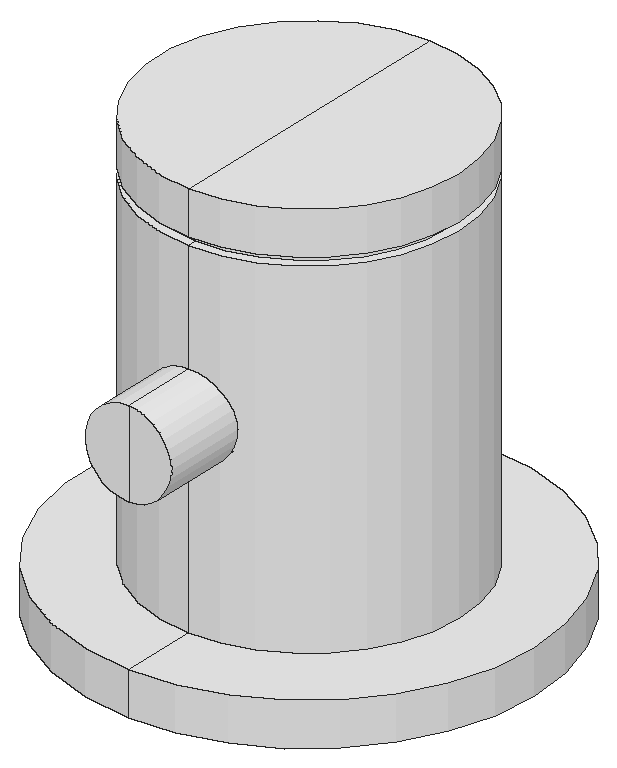
Revit family "Shower_Outlet_Elbow-GROHE-Tempesta-26636_Series", category Plumbing Fixtures, host Face, Revit 2019
Family settings
  Host = Face
  Round Connector Dimension = Use Diameter
  Part Type = Normal
  OmniClass Number = 23.45.05.14.17
  OmniClass Title = Showers
  Cut with Voids When Loaded = No
  Shared = Yes
  Room Calculation Point = No
Parameters (values of type "26636001")
  Width = 2 9/16"  # constant formula
  Waste Connection = no
  WFU = 4  # constant formula
  Vent Connection = no
  URL = "https://www.grohe.com"
  Type Comments = ""
  Tempered Water Connection = yes
  Tempered Connection Diameter = 1/2"
  Model = "26636001"
  Material = "Metal-Grohe-001-Chrome"
  Manufacturer = "Grohe"
  Installation Type = "Wall Mounted"
  HWFU = 3  # constant formula
  HW Connection = no
  Finish = Metal-Grohe-001-Chrome
  Diameter = 2 5/8"  # constant formula
  Description = "Tempesta Wall Union"  # constant formula
  Default Elevation = 0"  # constant formula
  Creation Date = "02/14/2024"  # constant formula
  Compliance Certifications = "Massachusetts Plumbing Board Approved"
  CWFU = 3  # constant formula
  CW Connection = no
  Assembly Code = "D2010710"
  Adjustable Outlet Width = 1 3/8"
  Adjustable Outlet Constraint = if(Adjustable Outlet Width < 1 3/8", 1 3/8", if(Adjustable Outlet Width > 1 3/4", 1 3/4", Adjustable Outlet Width))  # 1 3/8"
Types (4): name | Model | Material | Finish
  (no name) | "26636001" | "Metal-Grohe-001-Chrome" | Metal-Grohe-001-Chrome
  26636001 | "26636001" | "Metal-Grohe-001-Chrome" | Metal-Grohe-001-Chrome
  266362431 | "266362431" | "Metal-Grohe-2431-Matte Black" | Metal-Grohe-2431-Matte Black
  26636EN1 | "26636EN1" | "Plasstic-Grohe-EN1-Brushed Nickel Infinity Finish" | Plasstic-Grohe-EN1-Brushed Nickel Infinity Finish
Reference planes (in)
  plane 1 "Center (Front/Back)": y = 0
  plane 2: z = 0
  plane 3 "Center (Left/Right)": x = 0
  plane 4: y = 1.3125
  plane 5: y = -1.3125
  plane 6: z = 2.5625
  plane 7: z = 1.375
  plane 8: z = 1.625
Forms (in)
  Revolve 1, solid, material "Metal-Grohe-001-Chrome" <- "Finish"
    sketch origin (0, 0, 0) x (0, 1, 0) y (0, 0, 1)
      loop
        line (0, 0) -> (1.3125, 0) -> (1.3125, 0.25) -> (0.875, 0.25) -> (0.875, 2.26444) -> (0.81975, 2.26444) -> (0.81975, 2.3125) -> (0.875, 2.3125) -> (0.875, 2.5625) -> (0, 2.5625) -> (0, 0)
      axis (0, 2.5625) -> (0, 0)
    angle from 0 to 360
  Revolve 2, solid, material "Metal-Grohe-001-Chrome" <- "Finish"
    sketch origin (0, 0, 0) x (0, 1, 0) y (0, 0, 1)
      loop
        line (-1.3125, 1.625) -> (-1.3125, 1.375) -> (0, 1.375) -> (0, 1.625) -> (-1.3125, 1.625)
      axis (0, 1.375) -> (-1.3125, 1.375)
    angle from 0 to 360
Lines and regions (in)
  Masking region 1
    outline origin (0, 0, 0) x (1, 0, 0) y (0, 0, 1)
      loop
        line (0.875, 2.5625) -> (-0.875, 2.5625) -> (-0.875, 2.3125) -> (-0.81975, 2.3125) -> (-0.81975, 2.26444) -> (-0.875, 2.26444) -> (-0.875, 0.25) -> (-1.3125, 0.25) -> (-1.3125, 0) -> (1.3125, 0) -> (1.3125, 0.25) -> (0.875, 0.25) -> (0.875, 2.26444) -> (0.81975, 2.26444) -> (0.81975, 2.3125) -> (0.875, 2.3125) -> (0.875, 2.5625)
  symbolic lines, detail levels medium+fine
    curve 1: line (1.3125, 0, 0.25) -> (-0.875, 0, 0.25)
    curve 2: line (0.875, 0, 2.26444) -> (-0.875, 0, 2.26444)
  symbolic lines, detail levels fine
    curve 3: line (0.875, 0, 2.3125) -> (-0.875, 0, 2.3125)
Dimensions and locks (in)
  equal spacing: plane 4, plane 1 "Center (Front/Back)", plane 5  (x2)
  plane 4 to plane 5 = 2 5/8"
  "Width": plane 6 to host face
  "Diameter": plane 4 to plane 5
  "Adjustable Outlet Constraint": plane 7 to host face
  locked: plane 8 to plane 7 at 0.25
  aligned and locked: plane 2 to host face
  aligned and locked: level to host face
  aligned and locked: plane 1 "Center (Front/Back)" to Revolve 1 sketch curve
  aligned and locked: plane 7 to Revolve 2 sketch curve
  aligned and locked: Revolve 2 sketch curve to plane 7
  aligned and locked: Revolve 2 sketch curve to plane 1 "Center (Front/Back)"
  aligned and locked: plane 8 to Revolve 2 sketch curve
  aligned and locked: plane 5 to Revolve 2 sketch curve
  aligned and locked: Masking region 1 sketch curve to Revolve 1
  aligned and locked: Revolve 1 to Masking region 1 sketch curve
  aligned and locked: host face to Masking region 1 sketch curve
  aligned and locked: curve 1 to Revolve 1
  aligned and locked: curve 2 to Revolve 1
  aligned and locked: curve 3 to Revolve 1
Automatic sketch dimensions
  host sketch curve to host sketch curve = 96"  (x2)
  plane 5 to Revolve 2 sketch curve = 0.25363"
  Revolve 2 sketch curve to Revolve 2 sketch curve = 0.56613"
  Revolve 1 sketch curve to level = 0"
  Revolve 1 sketch curve to plane 1 "Center (Front/Back)" = 0"
  Revolve 1 sketch curve to plane 6 = 0"
  Revolve 1 sketch curve to plane 4 = 0"
  Revolve 1 sketch curve to plane 4 = 0.49275"
  Revolve 1 sketch curve to Revolve 1 sketch curve = 0.05525"
  level to Revolve 1 sketch curve = 1/4"
  Revolve 1 sketch curve to plane 6 = 1/4"
  Revolve 1 sketch curve to Revolve 1 sketch curve = 11/16"
  Revolve 1 sketch curve to Revolve 1 sketch curve = 0.04806"
  Revolve 1 sketch curve to Revolve 1 sketch curve = 1/2"
  Revolve 1 sketch curve to Revolve 1 sketch curve = 0"
  curve 1 to plane 3 "Center (Left/Right)" = 7/8"
  curve 2 to plane 3 "Center (Left/Right)" = 7/8"
  curve 3 to curve 2 = 0"  (x2)
  plane 3 "Center (Left/Right)" to curve 3 = 7/8"
  plane 3 "Center (Left/Right)" to curve 1 = 1 5/16"
  Masking region 1 sketch curve to plane 3 "Center (Left/Right)" = 1 5/16"
  Masking region 1 sketch curve to Masking region 1 sketch curve = 7/16"  (x2)
  Masking region 1 sketch curve to plane 6 = 0.29806"  (x2)
  plane 3 "Center (Left/Right)" to Masking region 1 sketch curve = 0.81975"
  Masking region 1 sketch curve to Masking region 1 sketch curve = 0.05525"  (x2)
  Masking region 1 sketch curve to Masking region 1 sketch curve = 0"  (x2)
  level to Masking region 1 sketch curve = 1/4"
  Masking region 1 sketch curve to Masking region 1 sketch curve = 0.04806"  (x2)
Connectors (in)
  piping at (0, -1.3125, 1.375), diameter 0.5, driven by "Tempered Connection Diameter"
    settings: on Revolve 2, index 1, connector inside diameter 24", connector length 0", flow factor 0, pipe flow 0 GPM, pressure drop 0.00 psi, fitting loss kfactor 0, connector angle 0.00°, fixture units 0, engagement length 0", angle of deflection 0.00°, flow configuration 0, flow direction 2, fitting loss method 0, system type 29, joint type 0, gender type 0, connector reference index -1, connector utility 0, adjustable connector no, is connector primary yes, connector description "1/2\" Outlet Connection"
  piping at (0, 0, 0), diameter 0.5, driven by "Tempered Connection Diameter"
    settings: on Revolve 1, index 2, connector inside diameter 24", connector length 0", flow factor 0, pipe flow 0 GPM, pressure drop 0.00 psi, fitting loss kfactor 0, connector angle 0.00°, fixture units 0, engagement length 0", angle of deflection 0.00°, flow configuration 0, flow direction 1, fitting loss method 0, system type 29, joint type 0, gender type 0, connector reference index -1, connector utility 0, adjustable connector no, is connector primary no, connector description "1/2\" Inlet Connection"
